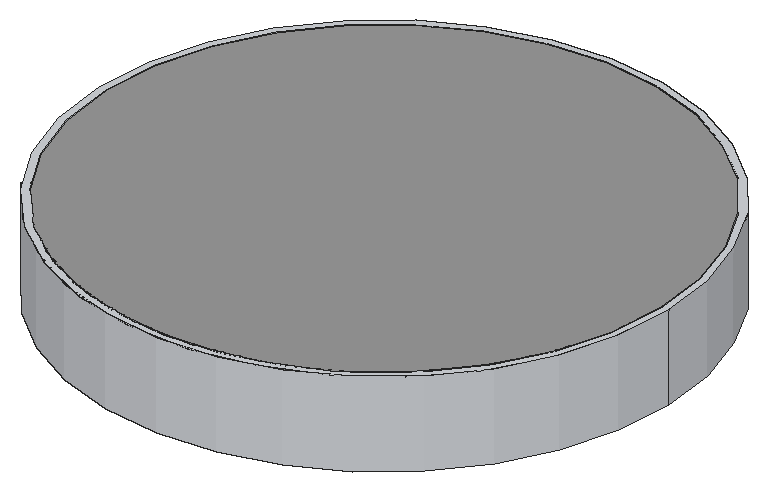
Revit family "2071333", category Lighting Fixtures, host Face, Revit 2018
Family settings
  Host = Face
  Round Connector Dimension = Use Diameter
  Part Type = Normal
  OmniClass Number = 23.80.70.00
  OmniClass Title = Lighting
  Cut with Voids When Loaded = No
  Light Source = Yes
  Shared = No
  Room Calculation Point = No
Parameters (values of type "2071333 COLOSSAL 400 HO 840 OP DIR+H WHT")
  iner diameter = 390 mm
  Weight = "n/a"
  Wattage Comments = ""
  Wattage = 30 W
  WarrantyStartDate [instance] = "n/a"
  WarrantyGuarantorParts = "n/a"
  WarrantyDurationUnit = "n/a"
  WarrantyDurationParts = ""
  WarrantyDescription = "http://www.sylvania-lighting.com"
  built-in parameter 1150110 = 1 (stored number, unit not read)
  Voltage = 230 V
  URL = "0.93"
  TypeName = "COLOSSAL 400mm HO 840 OPAL DIR+HAL WHITE"
  Type Image = <None>
  Type Comments = "n/a"
  built-in parameter 1114217 = 1 (stored number, unit not read)
  Tilt Angle = -90.00°
  built-in parameter 1150109 = 1 (stored number, unit not read)
  built-in parameter 1150134 = (empty or 0)
  built-in parameter 1150113 = 1 (stored number, unit not read)
  SerialNumber [instance] = "n/a"
  Photometric Web File = "2071333.ies"
  Material_3_SYL = LED-Sylvania
  PowerFactor = 0
  PowerConsumption = "Lighting"
  NominalLength = 400 mm
  NominalHeight = 93 mm
  NominalDepth = 400 mm
  Name = "COLOSSAL 400mm HO 840 OPAL DIR+HAL WHITE"
  ModelReference = Name  # "COLOSSAL 400mm HO 840 OPAL DIR+HAL WHITE"
  ModelNumber = "2071333"
  Model = Name  # "COLOSSAL 400mm HO 840 OPAL DIR+HAL WHITE"
  Material = "Feilo Sylvania"
  ManufacturerName = "132 lm/W"
  Manufacturer = ""
  LuminousEfficacy = ""
  built-in parameter 1150105 = 270.44 (stored number, unit not read)
  Lumens = 3398.4 lm
  LuminaireType = "0"
  built-in parameter 1150115 = 1 (stored number, unit not read)
  LightOutputRatio = "LED"
  built-in parameter 1150137 = (empty or 0)
  built-in parameter 1150139 = (empty or 0)
  LampsType = Lamp  # "n/a"
  LampNominalLuminous = "4000 K"
  LampMacAdamStep = "80"
  LampColourTemperature = "LED"
  LampColourRenderingIndex = "16500"
  built-in parameter 1150112 = 1 (stored number, unit not read)
  built-in parameter 1150114 = 1 (stored number, unit not read)
  Lamp = "n/a"
  Keynote = "n/a"
  InstallationDate [instance] = "n/a"
  InputVoltage = "0"
  InputNominalFrequency = "4000"
  built-in parameter 1150132 = (empty or 0)
  built-in parameter 1150102 = (empty or 0)
  built-in parameter 1150107 = 3000 (stored number, unit not read)
  built-in parameter 1150138 = (empty or 0)
  IngressProtection = "IfcLightFixtureType"
  ImpactProtectionIndex = "IfcLightFixtureType"
  built-in parameter 1150106 = 2.7044 (stored number, unit not read)
  IfcExportType = "IfcLightFixtureType"
  IfcExportAs = "Class I"
  Emit from Circle Diameter = 385 mm
  Emit Shape Visible in Rendering = no
  ElectricShockClassification = "132"
  built-in parameter 1150104 = 10.524 (stored number, unit not read)
  DocumentationLiterature = "http://www.sylvania-lighting.com/product/en-int/products/2071333"
  DimmingControlOptions = "n/a"
  Material_2_SYL = Polycarbonate_Sylvania_White
  Dimming Lamp Color Temperature Shift = <None>
  Description = "400mm diameter circular architectural luminaire, can be surface mounted or suspended. Powder coated aluminium housing (RAL9016) with polycarbonate opal diffuser. Direct/indirect (halo) light distribution, 3560lm luminuous flux, 27W system power, 132lm/W luminiaire efficacy. Constant current driver. Colour rendering index Ra >80, 4000K Neutral White LED, chromaticity tolerance of 3-step MacAdam ellipse. IP40, IK03. 600mA drive current. Electrical protection Class1, 220-240V. Reported lifetime 66k hours L90B10."
  Default Elevation = 1219.2 mm
  CreatedOn = "22/03/2022"
  CreatedBy = "@sylvania-lighting.com"
  Cost = 0
  Color Filter = 16777215
  built-in parameter 1114216 [instance] = (empty or 0)
  ClassificationValue = "EF_70_80"
  ClassificationName = "Uniclass2015"
  Material_1_SYL = Polycarbonate_Sylvania_Opal
  BarCode [instance] = "n/a"
  built-in parameter 1114218 = 1 (stored number, unit not read)
  built-in parameter 1150133 = 10 (stored number, unit not read)
  AssetType = "Fixed"
  AssetIdentifier [instance] = "n/a"
  Assembly Code = "D5020200"
  Apparent Load = 27 VA
  Material_4_SYL = none
Reference planes
  plane 1 "Center (Front/Back)": y = 0
  plane 2: z = 0
  plane 3 "Center (Left/Right)": x = 0
  plane 4: x = -200
  plane 5: x = 200
  plane 6: y = 200
  plane 7: y = -200
  plane 8: y = 236
  plane 9: y = -236
  plane 10: z = 93
  plane 11: y = 195
  plane 12: y = -195
  plane 13: y = 90.5
  plane 14: y = 144.5
  plane 15: through (52.25, 90.5, 1219.2) normal (0.866, 0.5, 0)
  plane 16: through (52.25, 90.5, 1219.2) normal (0.866, 0.5, 0)
  plane 17: through (63.706, 126.657, 1219.2) normal (0.866, 0.5, 0)
  plane 18: through (-104.5, 0, 1219.2) normal (-0.866, 0.5, 0)
  plane 19: through (-142.394, -9.633, 1219.2) normal (-0.866, 0.5, 0)
  plane 20: y = -90.5
  plane 21: y = -118.5
  plane 22: through (85.371, -141.133, 1219.2) normal (-0.866, 0.5, 0)
  plane 23: through (52.25, -90.5, 1219.2) normal (-0.866, 0.5, 0)
  plane 24: through (-161.658, 0, 1219.2) normal (0.866, 0.5, 0)
  plane 25: through (-172.12, 9.121, 1219.2) normal (0.866, 0.5, 0)
  plane 26: through (-104.5, 0, 1219.2) normal (0.866, 0.5, 0)
Forms (mm)
  Extrusion 1, solid, detail levels medium+fine
    sketch origin (0, 0, 0) x (1, 0, 0) y (0, 1, 0)
      loop
        circle (0, 0) r 200
    from 33.023 to 93
  Extrusion 2, void
    sketch origin (0, 0, 0) x (1, 0, 0) y (0, 1, 0)
      loop
        circle (0, 0) r 195
    from 93 to 37.292
  Extrusion 3, solid, material "Glass, White, High Luminance", detail levels fine
    sketch origin (0, 0, 0) x (1, 0, 0) y (0, 1, 0)
      loop
        circle (0, 0) r 195
    from 88.026 to 93
  Extrusion 4, solid, detail levels coarse
    sketch origin (0, 0, 0) x (1, 0, 0) y (0, 1, 0)
      loop
        line (-200, 200) -> (-200, -200) -> (200, -200) -> (200, 200) -> (-200, 200)
    from 0 to 93
  Blend 5, solid, detail levels medium+fine
    base sketch origin (0, 0, 0) x (1, 0, 0) y (0, 1, 0)
      loop
        line (-52.25, 90.5) -> (-104.5, 0) -> (-52.25, -90.5) -> (52.25, -90.5) -> (104.5, 0) -> (52.25, 90.5) -> (-52.25, 90.5)
    top sketch origin (0, 0, 0) x (1, 0, 0) y (0, 1, 0)
      loop
        line (-53.405, 144.5) -> (-149.245, -21.5) -> (-93.242, -118.5) -> (98.438, -118.5) -> (151.843, -26) -> (53.405, 144.5) -> (-53.405, 144.5)
    from 0 to 33.023
Cuts and joins
  Extrusion 2 cuts Extrusion 1
Dimensions and locks
  "NominalDepth": plane 6 to plane 7
  "NominalLength": plane 4 to plane 5
  equal spacing: plane 4, plane 3 "Center (Left/Right)", plane 5
  "iner diameter": plane 11 to plane 12
  equal spacing: plane 11, plane 1 "Center (Front/Back)", plane 12
  equal spacing: plane 6, plane 1 "Center (Front/Back)", plane 7
  "NominalHeight": plane 10 to level
  plane 19 to plane 18 = 28 mm
  radius of Extrusion 2 sketch curve = 195 mm
  aligned and locked: plane 2 to host face
  aligned and locked: level to host face
Automatic sketch dimensions
  host sketch curve to host sketch curve = 2438.4 mm  (x2)
  plane 1 "Center (Front/Back)" to Extrusion 1 sketch curve = 0 mm
  Extrusion 1 sketch curve to plane 3 "Center (Left/Right)" = 0 mm
  plane 1 "Center (Front/Back)" to Extrusion 2 sketch curve = 0 mm
  Extrusion 2 sketch curve to plane 3 "Center (Left/Right)" = 0 mm
  plane 1 "Center (Front/Back)" to Extrusion 3 sketch curve = 0 mm
  Extrusion 3 sketch curve to plane 3 "Center (Left/Right)" = 0 mm
  Extrusion 4 sketch curve to plane 4 = 0 mm
  Extrusion 4 sketch curve to plane 5 = 0 mm
  Extrusion 4 sketch curve to plane 7 = 0 mm
  Extrusion 4 sketch curve to plane 6 = 0 mm
  Blend 5 sketch curve to plane 19 = 0 mm  (x2)
  Blend 5 sketch curve to plane 24 = 0 mm  (x2)
  Blend 5 sketch curve to plane 21 = 0 mm
  Blend 5 sketch curve to plane 14 = 0 mm
  Blend 5 sketch curve to plane 17 = 0 mm  (x2)
  Blend 5 sketch curve to plane 22 = 0 mm  (x2)
  radius of Extrusion 1 sketch curve = 200 mm
  radius of Extrusion 3 sketch curve = 195 mm
Connectors
  electrical at (0, 0, 0), driven by "Apparent Load", driven by "PowerFactor", driven by "Voltage"
    settings: index 1, voltage 230 V, apparent load 27 VA, apparent load phase1 0 VA, apparent load phase2 0 VA, apparent load phase3 0 VA, power factor 0, load classification "Lighting", number of poles 1, system type 30, power factor state 1, is connector primary yes, connector utility no, sub classification motor no, connector description ""
